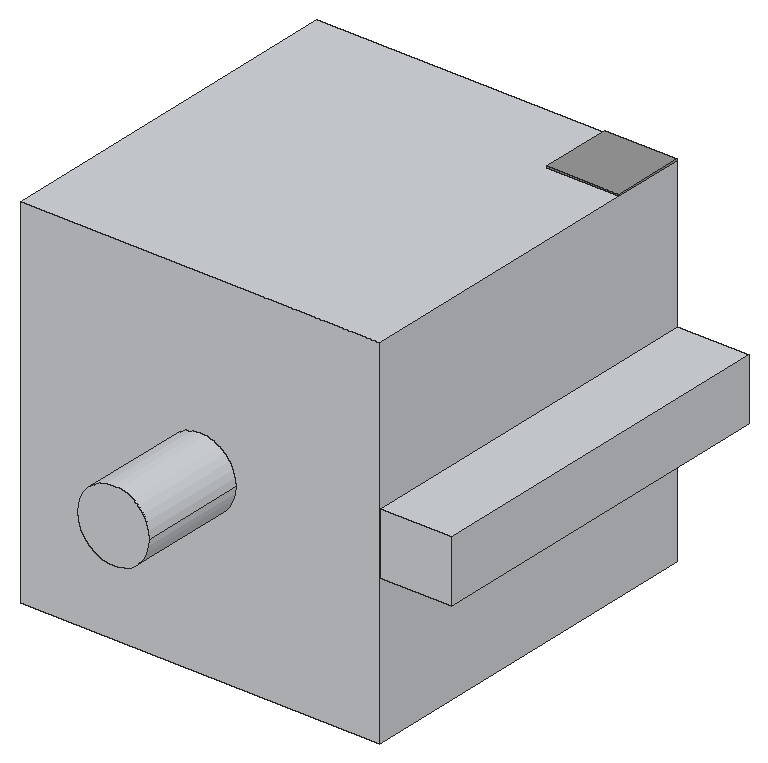
Revit family "НЕВАТОМ_Адаптер для РЩ-K-1_20220407", category Арматура воздуховодов, Revit 2017
Family settings
  Размер круглого соединителя = Использовать диаметр
  Тип детали = Вставляется
  На основе рабочей плоскости = Нет
  Всегда вертикально = Нет
  При загрузке вырезать с полостями = Нет
  Общий = Нет
Parameters (values of type "РЩ-K-1")
  Nevatom_URL = "https://t.me/NEVATOM_Bim_bot"
  H2 [instance] = 150 mm
  Материал = Материал корпуса
  t = 2 mm  # constant formula
  Nevatom_Частотный преобразователь = ""
  Nevatom_Регулятор расхода = ""
  Nevatom_ Для задания электроснабжения = ""
  D [instance] = 100 mm
  ADSK_Размер_Ширина [instance] = B + 16 mm + H2  # 666 mm
  ADSK_Размер_Длина [instance] = H1 + H  # 600 mm
  ADSK_Размер_Высота [instance] = A1  # 500 mm
  ADSK_Материал наименование = "Оцинкованная сталь"  # constant formula
  A+3 [instance] = A + 3 mm  # 86 mm
  H1 [instance] = 500 mm
  H [instance] = 100 mm
  B+16 [instance] = B + 16 mm  # 516 mm
  B [instance] = 500 mm
  A1 = 500 mm
  A [instance] = 83 mm
  ADSK_Примечание = ""
  ADSK_Позиция = ""
  ADSK_Наименование = "АДАПТЕР РЩ"
  ADSK_Масса_Текст = "кг"
  ADSK_Масса = 0
  ADSK_Марка = "-K-1-ОЦ.-0.7-Т2-RAL1000"
  ADSK_Код изделия = ""
  ADSK_Завод-изготовитель = "NEVATOM"
  ADSK_Единица измерения = "шт"
Reference planes
  plane 1 "По центру (Вперед/Назад)": y = 0
  plane 2: z = -250
  plane 3 "По центру (Влево/Вправо)": x = 0
  plane 4: x = -250
  plane 5: x = 250
  plane 6: z = 250
  plane 7: y = -258
  plane 8: y = 258
  plane 9: z = 0
  plane 10: x = 350
  plane 11: y = -408
Forms (mm)
  Extrusion 1, solid
    sketch origin (0, 0, 0) x (1, 0, 0) y (0, 0, 1)
      loop
        line (-250, 250) -> (-250, -250) -> (250, -250) -> (250, 250) -> (-250, 250)
    from -258 to 258
  Extrusion 2, solid
    sketch origin (0, 0, 0) x (1, 0, 0) y (0, 1, 0)
      loop
        line (250, 258) -> (250, -258) -> (350, -258) -> (350, 258) -> (250, 258)
    from -43 to 43
  Extrusion 3, solid
    sketch origin (0, 0, 0) x (1, 0, 0) y (0, 0, 1)
      loop
        circle (0, 0) r 50
    from 258 to 408
Dimensions and locks
  equal spacing: plane 4, plane 3 "По центру (Влево/Вправо)", plane 5
  equal spacing: plane 5, plane 3 "По центру (Влево/Вправо)", plane 4
  "A1": plane 6 to plane 2
  equal spacing: plane 6, level, plane 2
  "H1": plane 5 to plane 4
  equal spacing: plane 8, plane 1 "По центру (Вперед/Назад)", plane 7
  "B+16": plane 8 to plane 7
  "H": plane 5 to plane 10
  equal spacing: Extrusion 2, level, Extrusion 2
  "A+3": Extrusion 2 to Extrusion 2
  "H2": plane 7 to plane 11
  "D": diameter of Extrusion 3 sketch curve
  aligned and locked: level to plane 9
  aligned and locked: Extrusion 1 sketch curve to plane 6
  aligned and locked: plane 4 to Extrusion 1 sketch curve
  aligned and locked: plane 2 to Extrusion 1 sketch curve
  aligned and locked: Extrusion 1 sketch curve to plane 5
  aligned and locked: Extrusion 1 to plane 7
  aligned and locked: plane 8 to Extrusion 1
  aligned and locked: Extrusion 1 to Extrusion 2 sketch curve
  aligned and locked: Extrusion 2 sketch curve to Extrusion 1
  aligned and locked: plane 7 to Extrusion 2 sketch curve
  aligned and locked: Extrusion 2 sketch curve to plane 10
  aligned and locked: plane 7 to Extrusion 3
  aligned and locked: plane 11 to Extrusion 3
  aligned and locked: nested 1 to Extrusion 1  (x3)
Automatic sketch dimensions
  Extrusion 3 sketch curve to level = 0 mm
  Extrusion 3 sketch curve to plane 3 "По центру (Влево/Вправо)" = 0 mm
Nested families
  nested 1: "НЕВАТОМ_QR-AxB" at (200, 208, 250), type "Nevatom_Logo_100x100"
Connectors
  hvac at (350, 0, 0), driven by "A", driven by "B"
    settings: on Extrusion 2, index 1, duct flow 0.0 L/s, flow factor 0, pres drop 0.0 Pa, loss coef 0, conn angle 0.00°, conn width 500 mm, conn height 83 mm, conn diameter 609.6 mm, duct sys type 29, conn prof type 1, flow config 0, flow direction 0, loss method 0, conn ref index -1, conn util no, is conn primary yes, conn desc ""
  hvac at (0, -408, 0), driven by "D"
    settings: on Extrusion 3, index 2, duct flow 0.0 L/s, flow factor 0, pres drop 0.0 Pa, loss coef 0, conn angle 0.00°, conn width 304.8 mm, conn height 304.8 mm, conn diameter 100 mm, duct sys type 29, conn prof type 0, flow config 0, flow direction 0, loss method 0, conn ref index -1, conn util no, is conn primary no, conn desc ""
Definition of nested family "НЕВАТОМ_QR-AxB"
  Parameters (values of type "Nevatom_Logo_50x50")
    Logo_Image = none
    L = 2 mm
    B = A  # 50 mm
    A = 50 mm
  Types (5, lengths in mm): name | B | A
    (no name) | 50 | 50
    Nevatom_Logo_200x200 | 200 | 200
    Nevatom_Logo_100x100 | 100 | 100
    Nevatom_Logo_50x50 | 50 | 50
    Nevatom_Logo_25x25 | 25 | 25
  Reference planes
    plane 1 "По центру (Вперед/Назад)": y = 0
    plane 2: z = 0
    plane 3 "По центру (Влево/Вправо)": x = 0
    plane 4: x = -25
    plane 5: x = 25
    plane 6: y = 25
    plane 7: y = -25
  Forms (mm)
    Extrusion 1, solid, material <- "Logo_Image"
      sketch origin (0, 0, 0) x (1, 0, 0) y (0, 1, 0)
        loop
          line (-25, 25) -> (-25, -25) -> (25, -25) -> (25, 25) -> (-25, 25)
      from 0 to 2 <- "L"
  Lines and regions (mm)
    reference lines
      curve 1: line (-25, 25, 0) -> (25, 25, 0)
      curve 2: line (25, 25, 0) -> (25, -25, 0)
      curve 3: line (25, -25, 0) -> (-25, -25, 0)
      curve 4: line (-25, -25, 0) -> (-25, 25, 0)
  Dimensions and locks
    equal spacing: plane 4, plane 3 "По центру (Влево/Вправо)", plane 5
    "A": plane 4 to plane 5
    equal spacing: plane 6, plane 1 "По центру (Вперед/Назад)", plane 7
    "B": plane 6 to plane 7
    aligned and locked: level to plane 2
    aligned and locked: plane 6 to curve 1
    aligned and locked: plane 4 to curve 4
    aligned and locked: plane 5 to curve 2
    aligned and locked: plane 7 to curve 3
    aligned and locked: Extrusion 1 sketch curve to curve 1
    aligned and locked: Extrusion 1 sketch curve to curve 4
    aligned and locked: Extrusion 1 sketch curve to curve 3
    aligned and locked: Extrusion 1 sketch curve to curve 2
